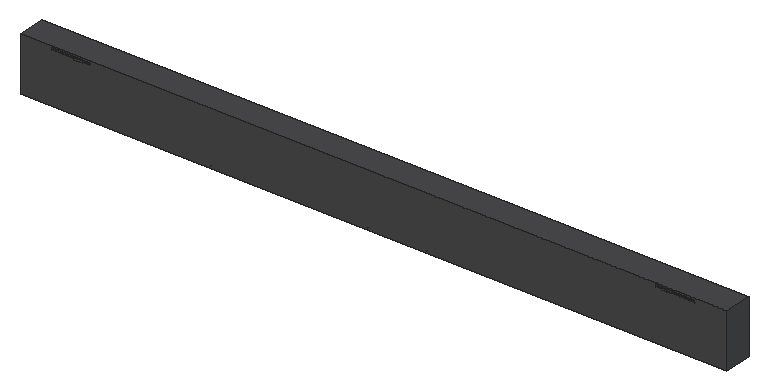
Revit family "DOT BLOCK CEILLING 946_DTSM40W9.1.36", category Luminarias, Revit 2019
Family settings
  Cota de conector redondo = Diámetro de uso
  Tipo de pieza = Normal
  Se basa en plano de trabajo = Sí
  Siempre vertical = Sí
  Corte con vacíos al cargar = No
  Origen de luz = Sí
  Compartido = No
  Punto de cálculo de habitación = No
Parameters (values of type "DOT BLOCK CEILLING 946_DTSM40W9.1.36")
  Ángulo de inclinación = 60.00°
  Zone [instance] = ""
  Watt per fixture = 40
  Wattage = 40 W
  built-in parameter 1150107 = 3000 (stored number, unit not read)
  built-in parameter 1150110 = 1 (stored number, unit not read)
  built-in parameter 1150109 = 1 (stored number, unit not read)
  built-in parameter 1150112 = 1 (stored number, unit not read)
  built-in parameter 1150113 = 1 (stored number, unit not read)
  built-in parameter 1114218 = 1 (stored number, unit not read)
  Keynote = ""
  built-in parameter 1150137 = (empty or 0)
  built-in parameter 1150132 = (empty or 0)
  Modelo = "DTSM40W9.1.36"
  Lámpara = "3030SMD PHILIPS"
  built-in parameter 1150105 = 257.83 (stored number, unit not read)
  built-in parameter 1150102 = (empty or 0)
  built-in parameter 1150106 = 2.5783 (stored number, unit not read)
  Lumens = 3240 lm
  Color Filter = 16777215
  built-in parameter 1114217 = 1 (stored number, unit not read)
  built-in parameter 1150139 = (empty or 0)
  Fabricante = "BRILLANT"
  Default Elevation = 1219.2 mm
  built-in parameter 1150104 = 7.5251 (stored number, unit not read)
  Descripción = "LUMINARIA DOWNLIGHT EN FORMATO RECTANGULAR PARA SOBREPONER DIRECTO EN TECHO, CUERPO DE ALUMINIO ACABADO EN COLOR NEGRO, IP 20, PESO 1.98Kg, TIPO DE LED 3030SMD PHILIPS CON 40W TOTAL, 3150 LUMENES, 81LM/W, IRC 90, TEMPERATURA EN BLANCO CALIDO 3000K, 50 MIL HORAS DE VIDA PROMEDIO, APERTURA DE 36 GRADOS POR PROYECTO, ALIMENTADO A 90-240V"
  built-in parameter 1150115 = 1 (stored number, unit not read)
  built-in parameter 1150114 = 1 (stored number, unit not read)
  Comentarios de vataje = "90-240V"
  built-in parameter 1150138 = (empty or 0)
  built-in parameter 1150134 = (empty or 0)
  Circuit [instance] = ""
  Dimming Lamp Color Temperature Shift = (empty or 0)
  Archivo de red fotométrica = "L964A-40W-830-B-36_IESNA95.IES"
  built-in parameter 1150133 = 10 (stored number, unit not read)
Reference planes
  plane 1 "Centro (Frontal/Posterior)": y = 0
  plane 2: z = 0
  plane 3 "Centro (Izquierda/Derecha)": x = 0
Forms (mm)
  Extrusion 1, solid, material "Default Form", not visible
    sketch origin (0, 0, 0) x (1, 0, 0) y (0, 0, 1)
      loop
        line (-473, 0) -> (-473, -72) -> (473, -72) -> (473, 0) -> (-473, 0)
    from -18.326 to 18.326
  Blend 2, void, not visible
    base sketch origin (-293.63, 0, 0) x (1, 0, 0) y (0, 1, 0)
      loop
        line (-162, 16.149) -> (-162, -16.149) -> (-144.14, -16.149) -> (-144.14, 16.149) -> (-162, 16.149)
    top sketch origin (-293.63, 0, 0) x (1, 0, 0) y (0, 1, 0)
      loop
        line (-160, 12.149) -> (-160, -12.149) -> (-146.14, -12.149) -> (-146.14, 12.149) -> (-160, 12.149)
    from -72 to -61.591
  Blend 3, void, not visible
    base sketch origin (-267.33, 0, 0) x (1, 0, 0) y (0, 1, 0)
      loop
        line (-162, 16.149) -> (-162, -16.149) -> (-144.14, -16.149) -> (-144.14, 16.149) -> (-162, 16.149)
    top sketch origin (-267.33, 0, 0) x (1, 0, 0) y (0, 1, 0)
      loop
        line (-160, 12.149) -> (-160, -12.149) -> (-146.14, -12.149) -> (-146.14, 12.149) -> (-160, 12.149)
    from -72 to -61.591
  Blend 4, void, not visible
    base sketch origin (-241.03, 0, 0) x (1, 0, 0) y (0, 1, 0)
      loop
        line (-162, 16.149) -> (-162, -16.149) -> (-144.14, -16.149) -> (-144.14, 16.149) -> (-162, 16.149)
    top sketch origin (-241.03, 0, 0) x (1, 0, 0) y (0, 1, 0)
      loop
        line (-160, 12.149) -> (-160, -12.149) -> (-146.14, -12.149) -> (-146.14, 12.149) -> (-160, 12.149)
    from -72 to -61.591
  Blend 5, void, not visible
    base sketch origin (-214.73, 0, 0) x (1, 0, 0) y (0, 1, 0)
      loop
        line (-162, 16.149) -> (-162, -16.149) -> (-144.14, -16.149) -> (-144.14, 16.149) -> (-162, 16.149)
    top sketch origin (-214.73, 0, 0) x (1, 0, 0) y (0, 1, 0)
      loop
        line (-160, 12.149) -> (-160, -12.149) -> (-146.14, -12.149) -> (-146.14, 12.149) -> (-160, 12.149)
    from -72 to -61.591
  Blend 6, void, not visible
    base sketch origin (-188.43, 0, 0) x (1, 0, 0) y (0, 1, 0)
      loop
        line (-162, 16.149) -> (-162, -16.149) -> (-144.14, -16.149) -> (-144.14, 16.149) -> (-162, 16.149)
    top sketch origin (-188.43, 0, 0) x (1, 0, 0) y (0, 1, 0)
      loop
        line (-160, 12.149) -> (-160, -12.149) -> (-146.14, -12.149) -> (-146.14, 12.149) -> (-160, 12.149)
    from -72 to -61.591
  Blend 7, void, not visible
    base sketch origin (-162.13, 0, 0) x (1, 0, 0) y (0, 1, 0)
      loop
        line (-162, 16.149) -> (-162, -16.149) -> (-144.14, -16.149) -> (-144.14, 16.149) -> (-162, 16.149)
    top sketch origin (-162.13, 0, 0) x (1, 0, 0) y (0, 1, 0)
      loop
        line (-160, 12.149) -> (-160, -12.149) -> (-146.14, -12.149) -> (-146.14, 12.149) -> (-160, 12.149)
    from -72 to -61.591
  Blend 8, void, not visible
    base sketch origin (-135.83, 0, 0) x (1, 0, 0) y (0, 1, 0)
      loop
        line (-162, 16.149) -> (-162, -16.149) -> (-144.14, -16.149) -> (-144.14, 16.149) -> (-162, 16.149)
    top sketch origin (-135.83, 0, 0) x (1, 0, 0) y (0, 1, 0)
      loop
        line (-160, 12.149) -> (-160, -12.149) -> (-146.14, -12.149) -> (-146.14, 12.149) -> (-160, 12.149)
    from -72 to -61.591
  Blend 9, void, not visible
    base sketch origin (-109.53, 0, 0) x (1, 0, 0) y (0, 1, 0)
      loop
        line (-162, 16.149) -> (-162, -16.149) -> (-144.14, -16.149) -> (-144.14, 16.149) -> (-162, 16.149)
    top sketch origin (-109.53, 0, 0) x (1, 0, 0) y (0, 1, 0)
      loop
        line (-160, 12.149) -> (-160, -12.149) -> (-146.14, -12.149) -> (-146.14, 12.149) -> (-160, 12.149)
    from -72 to -61.591
  Blend 10, void, not visible
    base sketch origin (-83.23, 0, 0) x (1, 0, 0) y (0, 1, 0)
      loop
        line (-162, 16.149) -> (-162, -16.149) -> (-144.14, -16.149) -> (-144.14, 16.149) -> (-162, 16.149)
    top sketch origin (-83.23, 0, 0) x (1, 0, 0) y (0, 1, 0)
      loop
        line (-160, 12.149) -> (-160, -12.149) -> (-146.14, -12.149) -> (-146.14, 12.149) -> (-160, 12.149)
    from -72 to -61.591
  Blend 11, void, not visible
    base sketch origin (-56.93, 0, 0) x (1, 0, 0) y (0, 1, 0)
      loop
        line (-162, 16.149) -> (-162, -16.149) -> (-144.14, -16.149) -> (-144.14, 16.149) -> (-162, 16.149)
    top sketch origin (-56.93, 0, 0) x (1, 0, 0) y (0, 1, 0)
      loop
        line (-160, 12.149) -> (-160, -12.149) -> (-146.14, -12.149) -> (-146.14, 12.149) -> (-160, 12.149)
    from -72 to -61.591
  Blend 12, void, not visible
    base sketch origin (-30.63, 0, 0) x (1, 0, 0) y (0, 1, 0)
      loop
        line (-162, 16.149) -> (-162, -16.149) -> (-144.14, -16.149) -> (-144.14, 16.149) -> (-162, 16.149)
    top sketch origin (-30.63, 0, 0) x (1, 0, 0) y (0, 1, 0)
      loop
        line (-160, 12.149) -> (-160, -12.149) -> (-146.14, -12.149) -> (-146.14, 12.149) -> (-160, 12.149)
    from -72 to -61.591
  Blend 13, void, not visible
    base sketch origin (-4.33, 0, 0) x (1, 0, 0) y (0, 1, 0)
      loop
        line (-162, 16.149) -> (-162, -16.149) -> (-144.14, -16.149) -> (-144.14, 16.149) -> (-162, 16.149)
    top sketch origin (-4.33, 0, 0) x (1, 0, 0) y (0, 1, 0)
      loop
        line (-160, 12.149) -> (-160, -12.149) -> (-146.14, -12.149) -> (-146.14, 12.149) -> (-160, 12.149)
    from -72 to -61.591
  Blend 14, void, not visible
    base sketch origin (21.97, 0, 0) x (1, 0, 0) y (0, 1, 0)
      loop
        line (-162, 16.149) -> (-162, -16.149) -> (-144.14, -16.149) -> (-144.14, 16.149) -> (-162, 16.149)
    top sketch origin (21.97, 0, 0) x (1, 0, 0) y (0, 1, 0)
      loop
        line (-160, 12.149) -> (-160, -12.149) -> (-146.14, -12.149) -> (-146.14, 12.149) -> (-160, 12.149)
    from -72 to -61.591
  Blend 15, void, not visible
    base sketch origin (48.27, 0, 0) x (1, 0, 0) y (0, 1, 0)
      loop
        line (-162, 16.149) -> (-162, -16.149) -> (-144.14, -16.149) -> (-144.14, 16.149) -> (-162, 16.149)
    top sketch origin (48.27, 0, 0) x (1, 0, 0) y (0, 1, 0)
      loop
        line (-160, 12.149) -> (-160, -12.149) -> (-146.14, -12.149) -> (-146.14, 12.149) -> (-160, 12.149)
    from -72 to -61.591
  Blend 16, void, not visible
    base sketch origin (74.57, 0, 0) x (1, 0, 0) y (0, 1, 0)
      loop
        line (-162, 16.149) -> (-162, -16.149) -> (-144.14, -16.149) -> (-144.14, 16.149) -> (-162, 16.149)
    top sketch origin (74.57, 0, 0) x (1, 0, 0) y (0, 1, 0)
      loop
        line (-160, 12.149) -> (-160, -12.149) -> (-146.14, -12.149) -> (-146.14, 12.149) -> (-160, 12.149)
    from -72 to -61.591
  Blend 17, void, not visible
    base sketch origin (100.87, 0, 0) x (1, 0, 0) y (0, 1, 0)
      loop
        line (-162, 16.149) -> (-162, -16.149) -> (-144.14, -16.149) -> (-144.14, 16.149) -> (-162, 16.149)
    top sketch origin (100.87, 0, 0) x (1, 0, 0) y (0, 1, 0)
      loop
        line (-160, 12.149) -> (-160, -12.149) -> (-146.14, -12.149) -> (-146.14, 12.149) -> (-160, 12.149)
    from -72 to -61.591
  Blend 18, void, not visible
    base sketch origin (127.17, 0, 0) x (1, 0, 0) y (0, 1, 0)
      loop
        line (-162, 16.149) -> (-162, -16.149) -> (-144.14, -16.149) -> (-144.14, 16.149) -> (-162, 16.149)
    top sketch origin (127.17, 0, 0) x (1, 0, 0) y (0, 1, 0)
      loop
        line (-160, 12.149) -> (-160, -12.149) -> (-146.14, -12.149) -> (-146.14, 12.149) -> (-160, 12.149)
    from -72 to -61.591
  Blend 19, void, not visible
    base sketch origin (153.47, 0, 0) x (1, 0, 0) y (0, 1, 0)
      loop
        line (-162, 16.149) -> (-162, -16.149) -> (-144.14, -16.149) -> (-144.14, 16.149) -> (-162, 16.149)
    top sketch origin (153.47, 0, 0) x (1, 0, 0) y (0, 1, 0)
      loop
        line (-160, 12.149) -> (-160, -12.149) -> (-146.14, -12.149) -> (-146.14, 12.149) -> (-160, 12.149)
    from -72 to -61.591
  Blend 20, void, not visible
    base sketch origin (179.77, 0, 0) x (1, 0, 0) y (0, 1, 0)
      loop
        line (-162, 16.149) -> (-162, -16.149) -> (-144.14, -16.149) -> (-144.14, 16.149) -> (-162, 16.149)
    top sketch origin (179.77, 0, 0) x (1, 0, 0) y (0, 1, 0)
      loop
        line (-160, 12.149) -> (-160, -12.149) -> (-146.14, -12.149) -> (-146.14, 12.149) -> (-160, 12.149)
    from -72 to -61.591
  Blend 21, void, not visible
    base sketch origin (206.07, 0, 0) x (1, 0, 0) y (0, 1, 0)
      loop
        line (-162, 16.149) -> (-162, -16.149) -> (-144.14, -16.149) -> (-144.14, 16.149) -> (-162, 16.149)
    top sketch origin (206.07, 0, 0) x (1, 0, 0) y (0, 1, 0)
      loop
        line (-160, 12.149) -> (-160, -12.149) -> (-146.14, -12.149) -> (-146.14, 12.149) -> (-160, 12.149)
    from -72 to -61.591
  Blend 22, void, not visible
    base sketch origin (232.37, 0, 0) x (1, 0, 0) y (0, 1, 0)
      loop
        line (-162, 16.149) -> (-162, -16.149) -> (-144.14, -16.149) -> (-144.14, 16.149) -> (-162, 16.149)
    top sketch origin (232.37, 0, 0) x (1, 0, 0) y (0, 1, 0)
      loop
        line (-160, 12.149) -> (-160, -12.149) -> (-146.14, -12.149) -> (-146.14, 12.149) -> (-160, 12.149)
    from -72 to -61.591
  Blend 23, void, not visible
    base sketch origin (258.67, 0, 0) x (1, 0, 0) y (0, 1, 0)
      loop
        line (-162, 16.149) -> (-162, -16.149) -> (-144.14, -16.149) -> (-144.14, 16.149) -> (-162, 16.149)
    top sketch origin (258.67, 0, 0) x (1, 0, 0) y (0, 1, 0)
      loop
        line (-160, 12.149) -> (-160, -12.149) -> (-146.14, -12.149) -> (-146.14, 12.149) -> (-160, 12.149)
    from -72 to -61.591
  Blend 24, void, not visible
    base sketch origin (284.97, 0, 0) x (1, 0, 0) y (0, 1, 0)
      loop
        line (-162, 16.149) -> (-162, -16.149) -> (-144.14, -16.149) -> (-144.14, 16.149) -> (-162, 16.149)
    top sketch origin (284.97, 0, 0) x (1, 0, 0) y (0, 1, 0)
      loop
        line (-160, 12.149) -> (-160, -12.149) -> (-146.14, -12.149) -> (-146.14, 12.149) -> (-160, 12.149)
    from -72 to -61.591
  Blend 25, void, not visible
    base sketch origin (311.27, 0, 0) x (1, 0, 0) y (0, 1, 0)
      loop
        line (-162, 16.149) -> (-162, -16.149) -> (-144.14, -16.149) -> (-144.14, 16.149) -> (-162, 16.149)
    top sketch origin (311.27, 0, 0) x (1, 0, 0) y (0, 1, 0)
      loop
        line (-160, 12.149) -> (-160, -12.149) -> (-146.14, -12.149) -> (-146.14, 12.149) -> (-160, 12.149)
    from -72 to -61.591
  Blend 26, void, not visible
    base sketch origin (337.57, 0, 0) x (1, 0, 0) y (0, 1, 0)
      loop
        line (-162, 16.149) -> (-162, -16.149) -> (-144.14, -16.149) -> (-144.14, 16.149) -> (-162, 16.149)
    top sketch origin (337.57, 0, 0) x (1, 0, 0) y (0, 1, 0)
      loop
        line (-160, 12.149) -> (-160, -12.149) -> (-146.14, -12.149) -> (-146.14, 12.149) -> (-160, 12.149)
    from -72 to -61.591
  Blend 27, void, not visible
    base sketch origin (363.87, 0, 0) x (1, 0, 0) y (0, 1, 0)
      loop
        line (-162, 16.149) -> (-162, -16.149) -> (-144.14, -16.149) -> (-144.14, 16.149) -> (-162, 16.149)
    top sketch origin (363.87, 0, 0) x (1, 0, 0) y (0, 1, 0)
      loop
        line (-160, 12.149) -> (-160, -12.149) -> (-146.14, -12.149) -> (-146.14, 12.149) -> (-160, 12.149)
    from -72 to -61.591
  Blend 28, void, not visible
    base sketch origin (390.17, 0, 0) x (1, 0, 0) y (0, 1, 0)
      loop
        line (-162, 16.149) -> (-162, -16.149) -> (-144.14, -16.149) -> (-144.14, 16.149) -> (-162, 16.149)
    top sketch origin (390.17, 0, 0) x (1, 0, 0) y (0, 1, 0)
      loop
        line (-160, 12.149) -> (-160, -12.149) -> (-146.14, -12.149) -> (-146.14, 12.149) -> (-160, 12.149)
    from -72 to -61.591
  Blend 29, void, not visible
    base sketch origin (416.47, 0, 0) x (1, 0, 0) y (0, 1, 0)
      loop
        line (-162, 16.149) -> (-162, -16.149) -> (-144.14, -16.149) -> (-144.14, 16.149) -> (-162, 16.149)
    top sketch origin (416.47, 0, 0) x (1, 0, 0) y (0, 1, 0)
      loop
        line (-160, 12.149) -> (-160, -12.149) -> (-146.14, -12.149) -> (-146.14, 12.149) -> (-160, 12.149)
    from -72 to -61.591
  Blend 30, void, not visible
    base sketch origin (442.77, 0, 0) x (1, 0, 0) y (0, 1, 0)
      loop
        line (-162, 16.149) -> (-162, -16.149) -> (-144.14, -16.149) -> (-144.14, 16.149) -> (-162, 16.149)
    top sketch origin (442.77, 0, 0) x (1, 0, 0) y (0, 1, 0)
      loop
        line (-160, 12.149) -> (-160, -12.149) -> (-146.14, -12.149) -> (-146.14, 12.149) -> (-160, 12.149)
    from -72 to -61.591
  Blend 31, void, not visible
    base sketch origin (469.07, 0, 0) x (1, 0, 0) y (0, 1, 0)
      loop
        line (-162, 16.149) -> (-162, -16.149) -> (-144.14, -16.149) -> (-144.14, 16.149) -> (-162, 16.149)
    top sketch origin (469.07, 0, 0) x (1, 0, 0) y (0, 1, 0)
      loop
        line (-160, 12.149) -> (-160, -12.149) -> (-146.14, -12.149) -> (-146.14, 12.149) -> (-160, 12.149)
    from -72 to -61.591
  Blend 32, void, not visible
    base sketch origin (495.37, 0, 0) x (1, 0, 0) y (0, 1, 0)
      loop
        line (-162, 16.149) -> (-162, -16.149) -> (-144.14, -16.149) -> (-144.14, 16.149) -> (-162, 16.149)
    top sketch origin (495.37, 0, 0) x (1, 0, 0) y (0, 1, 0)
      loop
        line (-160, 12.149) -> (-160, -12.149) -> (-146.14, -12.149) -> (-146.14, 12.149) -> (-160, 12.149)
    from -72 to -61.591
  Blend 33, void, not visible
    base sketch origin (521.67, 0, 0) x (1, 0, 0) y (0, 1, 0)
      loop
        line (-162, 16.149) -> (-162, -16.149) -> (-144.14, -16.149) -> (-144.14, 16.149) -> (-162, 16.149)
    top sketch origin (521.67, 0, 0) x (1, 0, 0) y (0, 1, 0)
      loop
        line (-160, 12.149) -> (-160, -12.149) -> (-146.14, -12.149) -> (-146.14, 12.149) -> (-160, 12.149)
    from -72 to -61.591
  Blend 34, void, not visible
    base sketch origin (547.97, 0, 0) x (1, 0, 0) y (0, 1, 0)
      loop
        line (-162, 16.149) -> (-162, -16.149) -> (-144.14, -16.149) -> (-144.14, 16.149) -> (-162, 16.149)
    top sketch origin (547.97, 0, 0) x (1, 0, 0) y (0, 1, 0)
      loop
        line (-160, 12.149) -> (-160, -12.149) -> (-146.14, -12.149) -> (-146.14, 12.149) -> (-160, 12.149)
    from -72 to -61.591
  Blend 35, void, not visible
    base sketch origin (574.27, 0, 0) x (1, 0, 0) y (0, 1, 0)
      loop
        line (-162, 16.149) -> (-162, -16.149) -> (-144.14, -16.149) -> (-144.14, 16.149) -> (-162, 16.149)
    top sketch origin (574.27, 0, 0) x (1, 0, 0) y (0, 1, 0)
      loop
        line (-160, 12.149) -> (-160, -12.149) -> (-146.14, -12.149) -> (-146.14, 12.149) -> (-160, 12.149)
    from -72 to -61.591
  Blend 36, void, not visible
    base sketch origin (600.57, 0, 0) x (1, 0, 0) y (0, 1, 0)
      loop
        line (-162, 16.149) -> (-162, -16.149) -> (-144.14, -16.149) -> (-144.14, 16.149) -> (-162, 16.149)
    top sketch origin (600.57, 0, 0) x (1, 0, 0) y (0, 1, 0)
      loop
        line (-160, 12.149) -> (-160, -12.149) -> (-146.14, -12.149) -> (-146.14, 12.149) -> (-160, 12.149)
    from -72 to -61.591
  Extrusion 37, solid, not visible
    sketch origin (-463.861, 0, 3.217) x (0, -1, 0) y (0, 0, -1)
      loop
        line (18.326, 3.217) -> (-18.326, 3.217) -> (-18.326, 73.917) -> (-32.183, 73.917) -> (-32.183, 72.617) -> (-19.626, 72.617) -> (-19.626, 1.917) -> (19.626, 1.917) -> (19.626, 72.617) -> (32.183, 72.617) -> (32.183, 73.917) -> (18.326, 73.917) -> (18.326, 3.217)
    from 89.098 to 128.24
  Extrusion 38, solid, not visible
    sketch origin (-246.523, 0, 3.217) x (0, -1, 0) y (0, 0, 1)
      loop
        line (-19.626, -1.917) -> (19.626, -1.917) -> (19.626, -63.89) -> (20.426, -63.89) -> (20.426, -1.117) -> (-20.426, -1.117) -> (-20.426, -63.89) -> (-19.626, -63.89) -> (-19.626, -1.917)
    from 122.954 to 124.098
  Extrusion 39, solid, not visible
    sketch origin (-463.861, 0, 3.217) x (0, -1, 0) y (0, 0, -1)
      loop
        line (-19.626, 1.917) -> (-19.626, 63.89) -> (-20.426, 63.89) -> (-20.426, 1.117) -> (20.426, 1.117) -> (20.426, 63.89) -> (19.626, 63.89) -> (19.626, 1.917) -> (-19.626, 1.917)
    from 122.954 to 124.098
  Extrusion 40, void, not visible
    sketch origin (0, 0, 0) x (1, 0, 0) y (0, 1, 0)
      loop
        circle (-363.799, -25.904) r 2.055
      loop
        circle (-346.585, -25.904) r 2.055
      loop
        circle (-363.799, 25.904) r 2.055
      loop
        circle (-346.585, 25.904) r 2.055
    from -70.7 to -69.4
  Blend 41, void
    base sketch origin (74.57, 130.851, 72) x (1, 0, 0) y (0, 1, 0)
      loop
        line (-162, -147) -> (-144.14, -147) -> (-144.14, -114.702) -> (-162, -114.702) -> (-162, -147)
    top sketch origin (74.57, 130.851, 72) x (1, 0, 0) y (0, 1, 0)
      loop
        line (-160, -143) -> (-146.14, -143) -> (-146.14, -118.702) -> (-160, -118.702) -> (-160, -143)
    from -72 to -61.591
  Blend 42, void
    base sketch origin (100.87, 130.851, 72) x (1, 0, 0) y (0, 1, 0)
      loop
        line (-162, -147) -> (-144.14, -147) -> (-144.14, -114.702) -> (-162, -114.702) -> (-162, -147)
    top sketch origin (100.87, 130.851, 72) x (1, 0, 0) y (0, 1, 0)
      loop
        line (-160, -143) -> (-146.14, -143) -> (-146.14, -118.702) -> (-160, -118.702) -> (-160, -143)
    from -72 to -61.591
  Blend 43, void
    base sketch origin (127.17, 130.851, 72) x (1, 0, 0) y (0, 1, 0)
      loop
        line (-162, -147) -> (-144.14, -147) -> (-144.14, -114.702) -> (-162, -114.702) -> (-162, -147)
    top sketch origin (127.17, 130.851, 72) x (1, 0, 0) y (0, 1, 0)
      loop
        line (-160, -143) -> (-146.14, -143) -> (-146.14, -118.702) -> (-160, -118.702) -> (-160, -143)
    from -72 to -61.591
  Blend 44, void
    base sketch origin (153.47, 130.851, 72) x (1, 0, 0) y (0, 1, 0)
      loop
        line (-162, -147) -> (-144.14, -147) -> (-144.14, -114.702) -> (-162, -114.702) -> (-162, -147)
    top sketch origin (153.47, 130.851, 72) x (1, 0, 0) y (0, 1, 0)
      loop
        line (-160, -143) -> (-146.14, -143) -> (-146.14, -118.702) -> (-160, -118.702) -> (-160, -143)
    from -72 to -61.591
  Blend 45, void
    base sketch origin (179.77, 130.851, 72) x (1, 0, 0) y (0, 1, 0)
      loop
        line (-162, -147) -> (-144.14, -147) -> (-144.14, -114.702) -> (-162, -114.702) -> (-162, -147)
    top sketch origin (179.77, 130.851, 72) x (1, 0, 0) y (0, 1, 0)
      loop
        line (-160, -143) -> (-146.14, -143) -> (-146.14, -118.702) -> (-160, -118.702) -> (-160, -143)
    from -72 to -61.591
  Blend 46, void
    base sketch origin (206.07, 130.851, 72) x (1, 0, 0) y (0, 1, 0)
      loop
        line (-162, -147) -> (-144.14, -147) -> (-144.14, -114.702) -> (-162, -114.702) -> (-162, -147)
    top sketch origin (206.07, 130.851, 72) x (1, 0, 0) y (0, 1, 0)
      loop
        line (-160, -143) -> (-146.14, -143) -> (-146.14, -118.702) -> (-160, -118.702) -> (-160, -143)
    from -72 to -61.591
  Blend 47, void
    base sketch origin (232.37, 130.851, 72) x (1, 0, 0) y (0, 1, 0)
      loop
        line (-162, -147) -> (-144.14, -147) -> (-144.14, -114.702) -> (-162, -114.702) -> (-162, -147)
    top sketch origin (232.37, 130.851, 72) x (1, 0, 0) y (0, 1, 0)
      loop
        line (-160, -143) -> (-146.14, -143) -> (-146.14, -118.702) -> (-160, -118.702) -> (-160, -143)
    from -72 to -61.591
  Extrusion 48, solid, material "Default Form"
    sketch origin (0, 0, 72) x (1, 0, 0) y (0, 0, -1)
      loop
        line (-473, 0) -> (473, 0) -> (473, 72) -> (-473, 72) -> (-473, 0)
    from -18.326 to 18.326
  Blend 49, void
    base sketch origin (258.67, 130.851, 72) x (1, 0, 0) y (0, 1, 0)
      loop
        line (-162, -147) -> (-144.14, -147) -> (-144.14, -114.702) -> (-162, -114.702) -> (-162, -147)
    top sketch origin (258.67, 130.851, 72) x (1, 0, 0) y (0, 1, 0)
      loop
        line (-160, -143) -> (-146.14, -143) -> (-146.14, -118.702) -> (-160, -118.702) -> (-160, -143)
    from -72 to -61.591
  Blend 50, void
    base sketch origin (284.97, 130.851, 72) x (1, 0, 0) y (0, 1, 0)
      loop
        line (-162, -147) -> (-144.14, -147) -> (-144.14, -114.702) -> (-162, -114.702) -> (-162, -147)
    top sketch origin (284.97, 130.851, 72) x (1, 0, 0) y (0, 1, 0)
      loop
        line (-160, -143) -> (-146.14, -143) -> (-146.14, -118.702) -> (-160, -118.702) -> (-160, -143)
    from -72 to -61.591
  Blend 51, void
    base sketch origin (21.97, 130.851, 72) x (1, 0, 0) y (0, 1, 0)
      loop
        line (-162, -147) -> (-144.14, -147) -> (-144.14, -114.702) -> (-162, -114.702) -> (-162, -147)
    top sketch origin (21.97, 130.851, 72) x (1, 0, 0) y (0, 1, 0)
      loop
        line (-160, -143) -> (-146.14, -143) -> (-146.14, -118.702) -> (-160, -118.702) -> (-160, -143)
    from -72 to -61.591
  Blend 52, void
    base sketch origin (48.27, 130.851, 72) x (1, 0, 0) y (0, 1, 0)
      loop
        line (-162, -147) -> (-144.14, -147) -> (-144.14, -114.702) -> (-162, -114.702) -> (-162, -147)
    top sketch origin (48.27, 130.851, 72) x (1, 0, 0) y (0, 1, 0)
      loop
        line (-160, -143) -> (-146.14, -143) -> (-146.14, -118.702) -> (-160, -118.702) -> (-160, -143)
    from -72 to -61.591
  Extrusion 53, void
    sketch origin (-308.75, 0, 0) x (1, 0, 0) y (0, 1, 0)
      loop
        line (-122.17, -18.326) -> (-69.57, -18.326) -> (-69.57, -16.149) -> (-122.17, -16.149) -> (-122.17, -18.326)
      loop
        line (-122.17, 18.326) -> (-122.17, 16.149) -> (-69.57, 16.149) -> (-69.57, 18.326) -> (-122.17, 18.326)
    from 66.852 to 70.535
  Extrusion 54, solid, material "Default Form"
    sketch origin (-25, 0, 0) x (1, 0, 0) y (0, 1, 0)
      loop
        line (-362.305, -16.149) -> (-363.639, -16.149) -> (-363.639, -18.326) -> (-374.139, -18.326) -> (-374.139, -20.238) -> (-362.305, -20.238) -> (-362.305, -16.149)
      loop
        line (-362.305, 16.149) -> (-362.305, 20.238) -> (-374.139, 20.238) -> (-374.139, 18.326) -> (-363.639, 18.326) -> (-363.639, 16.149) -> (-362.305, 16.149)
      loop
        line (412.305, -16.149) -> (412.305, -20.238) -> (424.139, -20.238) -> (424.139, -18.326) -> (413.639, -18.326) -> (413.639, -16.149) -> (412.305, -16.149)
      loop
        line (412.305, 16.149) -> (413.639, 16.149) -> (413.639, 18.326) -> (424.139, 18.326) -> (424.139, 20.238) -> (412.305, 20.238) -> (412.305, 16.149)
    from 67.466 to 69.773
  Extrusion 55, void
    sketch origin (308.75, 0, 0) x (-1, 0, 0) y (0, -1, 0)
      loop
        line (-122.17, 18.326) -> (-122.17, 16.149) -> (-69.57, 16.149) -> (-69.57, 18.326) -> (-122.17, 18.326)
      loop
        line (-122.17, -18.326) -> (-69.57, -18.326) -> (-69.57, -16.149) -> (-122.17, -16.149) -> (-122.17, -18.326)
    from 66.852 to 70.535
  Blend 56, void
    base sketch origin (-56.93, 130.851, 72) x (1, 0, 0) y (0, 1, 0)
      loop
        line (-162, -147) -> (-144.14, -147) -> (-144.14, -114.702) -> (-162, -114.702) -> (-162, -147)
    top sketch origin (-56.93, 130.851, 72) x (1, 0, 0) y (0, 1, 0)
      loop
        line (-160, -143) -> (-146.14, -143) -> (-146.14, -118.702) -> (-160, -118.702) -> (-160, -143)
    from -72 to -61.591
  Blend 57, void
    base sketch origin (-30.63, 130.851, 72) x (1, 0, 0) y (0, 1, 0)
      loop
        line (-162, -147) -> (-144.14, -147) -> (-144.14, -114.702) -> (-162, -114.702) -> (-162, -147)
    top sketch origin (-30.63, 130.851, 72) x (1, 0, 0) y (0, 1, 0)
      loop
        line (-160, -143) -> (-146.14, -143) -> (-146.14, -118.702) -> (-160, -118.702) -> (-160, -143)
    from -72 to -61.591
  Blend 58, void
    base sketch origin (-4.33, 130.851, 72) x (1, 0, 0) y (0, 1, 0)
      loop
        line (-162, -147) -> (-144.14, -147) -> (-144.14, -114.702) -> (-162, -114.702) -> (-162, -147)
    top sketch origin (-4.33, 130.851, 72) x (1, 0, 0) y (0, 1, 0)
      loop
        line (-160, -143) -> (-146.14, -143) -> (-146.14, -118.702) -> (-160, -118.702) -> (-160, -143)
    from -72 to -61.591
  Blend 59, void
    base sketch origin (-109.53, 130.851, 72) x (1, 0, 0) y (0, 1, 0)
      loop
        line (-162, -147) -> (-144.14, -147) -> (-144.14, -114.702) -> (-162, -114.702) -> (-162, -147)
    top sketch origin (-109.53, 130.851, 72) x (1, 0, 0) y (0, 1, 0)
      loop
        line (-160, -143) -> (-146.14, -143) -> (-146.14, -118.702) -> (-160, -118.702) -> (-160, -143)
    from -72 to -61.591
  Blend 60, void
    base sketch origin (-83.23, 130.851, 72) x (1, 0, 0) y (0, 1, 0)
      loop
        line (-162, -147) -> (-144.14, -147) -> (-144.14, -114.702) -> (-162, -114.702) -> (-162, -147)
    top sketch origin (-83.23, 130.851, 72) x (1, 0, 0) y (0, 1, 0)
      loop
        line (-160, -143) -> (-146.14, -143) -> (-146.14, -118.702) -> (-160, -118.702) -> (-160, -143)
    from -72 to -61.591
  Blend 61, void
    base sketch origin (-135.83, 130.851, 72) x (1, 0, 0) y (0, 1, 0)
      loop
        line (-162, -147) -> (-144.14, -147) -> (-144.14, -114.702) -> (-162, -114.702) -> (-162, -147)
    top sketch origin (-135.83, 130.851, 72) x (1, 0, 0) y (0, 1, 0)
      loop
        line (-160, -143) -> (-146.14, -143) -> (-146.14, -118.702) -> (-160, -118.702) -> (-160, -143)
    from -72 to -61.591
  Blend 62, void
    base sketch origin (-188.43, 130.851, 72) x (1, 0, 0) y (0, 1, 0)
      loop
        line (-162, -147) -> (-144.14, -147) -> (-144.14, -114.702) -> (-162, -114.702) -> (-162, -147)
    top sketch origin (-188.43, 130.851, 72) x (1, 0, 0) y (0, 1, 0)
      loop
        line (-160, -143) -> (-146.14, -143) -> (-146.14, -118.702) -> (-160, -118.702) -> (-160, -143)
    from -72 to -61.591
  Blend 63, void
    base sketch origin (-162.13, 130.851, 72) x (1, 0, 0) y (0, 1, 0)
      loop
        line (-162, -147) -> (-144.14, -147) -> (-144.14, -114.702) -> (-162, -114.702) -> (-162, -147)
    top sketch origin (-162.13, 130.851, 72) x (1, 0, 0) y (0, 1, 0)
      loop
        line (-160, -143) -> (-146.14, -143) -> (-146.14, -118.702) -> (-160, -118.702) -> (-160, -143)
    from -72 to -61.591
  Blend 64, void
    base sketch origin (311.27, 130.851, 72) x (1, 0, 0) y (0, 1, 0)
      loop
        line (-162, -147) -> (-144.14, -147) -> (-144.14, -114.702) -> (-162, -114.702) -> (-162, -147)
    top sketch origin (311.27, 130.851, 72) x (1, 0, 0) y (0, 1, 0)
      loop
        line (-160, -143) -> (-146.14, -143) -> (-146.14, -118.702) -> (-160, -118.702) -> (-160, -143)
    from -72 to -61.591
  Blend 65, void
    base sketch origin (337.57, 130.851, 72) x (1, 0, 0) y (0, 1, 0)
      loop
        line (-162, -147) -> (-144.14, -147) -> (-144.14, -114.702) -> (-162, -114.702) -> (-162, -147)
    top sketch origin (337.57, 130.851, 72) x (1, 0, 0) y (0, 1, 0)
      loop
        line (-160, -143) -> (-146.14, -143) -> (-146.14, -118.702) -> (-160, -118.702) -> (-160, -143)
    from -72 to -61.591
  Blend 66, void
    base sketch origin (363.87, 130.851, 72) x (1, 0, 0) y (0, 1, 0)
      loop
        line (-162, -147) -> (-144.14, -147) -> (-144.14, -114.702) -> (-162, -114.702) -> (-162, -147)
    top sketch origin (363.87, 130.851, 72) x (1, 0, 0) y (0, 1, 0)
      loop
        line (-160, -143) -> (-146.14, -143) -> (-146.14, -118.702) -> (-160, -118.702) -> (-160, -143)
    from -72 to -61.591
  Blend 67, void
    base sketch origin (390.17, 130.851, 72) x (1, 0, 0) y (0, 1, 0)
      loop
        line (-162, -147) -> (-144.14, -147) -> (-144.14, -114.702) -> (-162, -114.702) -> (-162, -147)
    top sketch origin (390.17, 130.851, 72) x (1, 0, 0) y (0, 1, 0)
      loop
        line (-160, -143) -> (-146.14, -143) -> (-146.14, -118.702) -> (-160, -118.702) -> (-160, -143)
    from -72 to -61.591
  Blend 68, void
    base sketch origin (416.47, 130.851, 72) x (1, 0, 0) y (0, 1, 0)
      loop
        line (-162, -147) -> (-144.14, -147) -> (-144.14, -114.702) -> (-162, -114.702) -> (-162, -147)
    top sketch origin (416.47, 130.851, 72) x (1, 0, 0) y (0, 1, 0)
      loop
        line (-160, -143) -> (-146.14, -143) -> (-146.14, -118.702) -> (-160, -118.702) -> (-160, -143)
    from -72 to -61.591
  Blend 69, void
    base sketch origin (442.77, 130.851, 72) x (1, 0, 0) y (0, 1, 0)
      loop
        line (-162, -147) -> (-144.14, -147) -> (-144.14, -114.702) -> (-162, -114.702) -> (-162, -147)
    top sketch origin (442.77, 130.851, 72) x (1, 0, 0) y (0, 1, 0)
      loop
        line (-160, -143) -> (-146.14, -143) -> (-146.14, -118.702) -> (-160, -118.702) -> (-160, -143)
    from -72 to -61.591
  Blend 70, void
    base sketch origin (469.07, 130.851, 72) x (1, 0, 0) y (0, 1, 0)
      loop
        line (-162, -147) -> (-144.14, -147) -> (-144.14, -114.702) -> (-162, -114.702) -> (-162, -147)
    top sketch origin (469.07, 130.851, 72) x (1, 0, 0) y (0, 1, 0)
      loop
        line (-160, -143) -> (-146.14, -143) -> (-146.14, -118.702) -> (-160, -118.702) -> (-160, -143)
    from -72 to -61.591
  Blend 71, void
    base sketch origin (495.37, 130.851, 72) x (1, 0, 0) y (0, 1, 0)
      loop
        line (-162, -147) -> (-144.14, -147) -> (-144.14, -114.702) -> (-162, -114.702) -> (-162, -147)
    top sketch origin (495.37, 130.851, 72) x (1, 0, 0) y (0, 1, 0)
      loop
        line (-160, -143) -> (-146.14, -143) -> (-146.14, -118.702) -> (-160, -118.702) -> (-160, -143)
    from -72 to -61.591
  Blend 72, void
    base sketch origin (-214.73, 130.851, 72) x (1, 0, 0) y (0, 1, 0)
      loop
        line (-162, -147) -> (-144.14, -147) -> (-144.14, -114.702) -> (-162, -114.702) -> (-162, -147)
    top sketch origin (-214.73, 130.851, 72) x (1, 0, 0) y (0, 1, 0)
      loop
        line (-160, -143) -> (-146.14, -143) -> (-146.14, -118.702) -> (-160, -118.702) -> (-160, -143)
    from -72 to -61.591
  Blend 73, void
    base sketch origin (-267.33, 130.851, 72) x (1, 0, 0) y (0, 1, 0)
      loop
        line (-162, -147) -> (-144.14, -147) -> (-144.14, -114.702) -> (-162, -114.702) -> (-162, -147)
    top sketch origin (-267.33, 130.851, 72) x (1, 0, 0) y (0, 1, 0)
      loop
        line (-160, -143) -> (-146.14, -143) -> (-146.14, -118.702) -> (-160, -118.702) -> (-160, -143)
    from -72 to -61.591
  Blend 74, void
    base sketch origin (-241.03, 130.851, 72) x (1, 0, 0) y (0, 1, 0)
      loop
        line (-162, -147) -> (-144.14, -147) -> (-144.14, -114.702) -> (-162, -114.702) -> (-162, -147)
    top sketch origin (-241.03, 130.851, 72) x (1, 0, 0) y (0, 1, 0)
      loop
        line (-160, -143) -> (-146.14, -143) -> (-146.14, -118.702) -> (-160, -118.702) -> (-160, -143)
    from -72 to -61.591
  Blend 75, void
    base sketch origin (-293.63, 130.851, 72) x (1, 0, 0) y (0, 1, 0)
      loop
        line (-162, -147) -> (-144.14, -147) -> (-144.14, -114.702) -> (-162, -114.702) -> (-162, -147)
    top sketch origin (-293.63, 130.851, 72) x (1, 0, 0) y (0, 1, 0)
      loop
        line (-160, -143) -> (-146.14, -143) -> (-146.14, -118.702) -> (-160, -118.702) -> (-160, -143)
    from -72 to -61.591
  Blend 76, void
    base sketch origin (521.67, 130.851, 72) x (1, 0, 0) y (0, 1, 0)
      loop
        line (-162, -147) -> (-144.14, -147) -> (-144.14, -114.702) -> (-162, -114.702) -> (-162, -147)
    top sketch origin (521.67, 130.851, 72) x (1, 0, 0) y (0, 1, 0)
      loop
        line (-160, -143) -> (-146.14, -143) -> (-146.14, -118.702) -> (-160, -118.702) -> (-160, -143)
    from -72 to -61.591
  Blend 77, void
    base sketch origin (547.97, 130.851, 72) x (1, 0, 0) y (0, 1, 0)
      loop
        line (-162, -147) -> (-144.14, -147) -> (-144.14, -114.702) -> (-162, -114.702) -> (-162, -147)
    top sketch origin (547.97, 130.851, 72) x (1, 0, 0) y (0, 1, 0)
      loop
        line (-160, -143) -> (-146.14, -143) -> (-146.14, -118.702) -> (-160, -118.702) -> (-160, -143)
    from -72 to -61.591
  Blend 78, void
    base sketch origin (574.27, 130.851, 72) x (1, 0, 0) y (0, 1, 0)
      loop
        line (-162, -147) -> (-144.14, -147) -> (-144.14, -114.702) -> (-162, -114.702) -> (-162, -147)
    top sketch origin (574.27, 130.851, 72) x (1, 0, 0) y (0, 1, 0)
      loop
        line (-160, -143) -> (-146.14, -143) -> (-146.14, -118.702) -> (-160, -118.702) -> (-160, -143)
    from -72 to -61.591
  Blend 79, void
    base sketch origin (600.57, 130.851, 72) x (1, 0, 0) y (0, 1, 0)
      loop
        line (-162, -147) -> (-144.14, -147) -> (-144.14, -114.702) -> (-162, -114.702) -> (-162, -147)
    top sketch origin (600.57, 130.851, 72) x (1, 0, 0) y (0, 1, 0)
      loop
        line (-160, -143) -> (-146.14, -143) -> (-146.14, -118.702) -> (-160, -118.702) -> (-160, -143)
    from -72 to -61.591
Cuts and joins
  Blend 41, Blend 42, Blend 43, Blend 44, Blend 45, Blend 46, Blend 47, Blend 49, Blend 50, Blend 51, Blend 52, Extrusion 53, Extrusion 55, Blend 56, Blend 57, Blend 58, Blend 59, Blend 60, Blend 61, Blend 62, Blend 63, Blend 64, Blend 65, Blend 66, Blend 67, Blend 68, Blend 69, Blend 70, Blend 71, Blend 72, Blend 73, Blend 74, Blend 75, Blend 76, Blend 77, Blend 78, Blend 79 cuts Extrusion 48
  Extrusion 55 cuts Extrusion 54
Dimensions and locks
  cut or joined group 1 (Blend 41, Blend 42, Blend 43, Blend 44, Blend 45, Blend 46, Blend 47, Extrusion 48, Blend 49, Blend 50, Blend 51, Blend 52, Extrusion 53, Extrusion 55, Blend 56, Blend 57, Blend 58, Blend 59, Blend 60, Blend 61, Blend 62, Blend 63, Blend 64, Blend 65, Blend 66, Blend 67, Blend 68, Blend 69, Blend 70, Blend 71, Blend 72, Blend 73, Blend 74, Blend 75, Blend 76, Blend 77, Blend 78, Blend 79) to cut or joined group 1 = 72 mm  (x2)
  cut or joined group 1 to cut or joined group 1 = 36.651 mm
  cut or joined group 1 to cut or joined group 1 = 946 mm
  cut or joined group 1 to cut or joined group 1 = 42.08 mm  (x2)
  aligned and locked: level to plane 2
Connectors
  electrical at (0, 0, 72)
    settings: on cut or joined group 1, index 1, voltage 0 V, apparent load 0 VA, apparent load phase1 0 VA, apparent load phase2 0 VA, apparent load phase3 0 VA, power factor 1, load classification "Otro", number of poles 1, system type 31, power factor state 1, is connector primary yes, connector utility no, sub classification motor no, connector description ""
